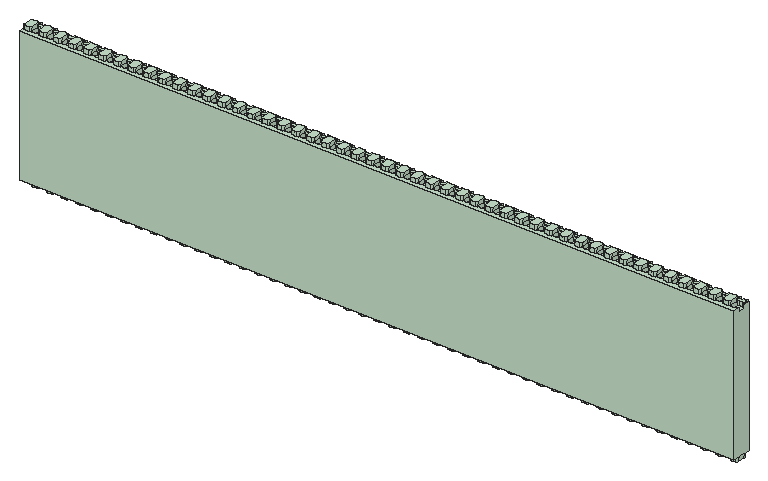
Revit family (continued)
Definition of nested family "Capture Lugs"
  Forms (mm)
    Extrusion 4, void
      sketch origin (0, 0, 0) x (-1, 0, 0) y (0, -1, 0)
        loop
          arc (-4.255, 68.834) -> (-5.736, 69.448) -> (-6.35, 70.929) r 2.095
      from 0 to 457.2
    Extrusion 5, void
      sketch origin (0, 0, 0) x (1, 0, 0) y (0, 1, 0)
        loop
          arc (-1.191, -72.009) -> (0, -78.127) -> (1.191, -72.009) r 3.175
          line (1.191, -72.009) -> (1.191, -68.834) -> (-1.191, -68.834) -> (-1.191, -72.009)
      from 0 to 457.2
  Cuts and joins
    Extrusion 3, Extrusion 4 cuts Extrusion 1
    Extrusion 3, Extrusion 4, Extrusion 5 cuts Extrusion 2
Definition of nested family "NUDURA Diamond Pattern"
  Reference planes
    plane 1 "Center (Front/Back)": y = 0
    plane 2: z = 0
    plane 3 "Center (Left/Right)": x = 0
    plane 4: z = 457.2
  Lines and regions (mm)
    model lines
      curve 1: line (203.2, -142.875, 457.2) -> (203.2, -142.875, 0)
      curve 2: line (152.4, -142.875, 457.2) -> (152.4, -142.875, 0)
      curve 3: line (50.8, -142.875, 457.2) -> (50.8, -142.875, 0)
      curve 4: line (85.183, -142.875, 431.415) -> (93.906, -142.875, 422.692)
      curve 5: arc (85.183, -142.875, 444.885) -> (82.394, -142.875, 438.15) -> (85.183, -142.875, 431.415) r 9.525
      curve 6: line (94.708, -142.875, 454.41) -> (85.183, -142.875, 444.885)
      curve 7: arc (108.179, -142.875, 454.41) -> (101.444, -142.875, 457.2) -> (94.708, -142.875, 454.41) r 9.525
      curve 8: line (117.704, -142.875, 444.885) -> (108.179, -142.875, 454.41)
      curve 9: arc (117.704, -142.875, 431.415) -> (120.494, -142.875, 438.15) -> (117.704, -142.875, 444.885) r 9.525
      curve 10: line (108.981, -142.875, 422.692) -> (117.704, -142.875, 431.415)
      curve 11: arc (105.934, -142.875, 452.165) -> (101.444, -142.875, 454.025) -> (96.953, -142.875, 452.165) r 6.35
      curve 12: line (115.459, -142.875, 442.64) -> (105.934, -142.875, 452.165)
      curve 13: arc (115.459, -142.875, 433.66) -> (117.319, -142.875, 438.15) -> (115.459, -142.875, 442.64) r 6.35
      curve 14: line (105.934, -142.875, 424.135) -> (115.459, -142.875, 433.66)
      curve 15: arc (96.953, -142.875, 424.135) -> (101.444, -142.875, 422.275) -> (105.934, -142.875, 424.135) r 6.35
      curve 16: line (87.428, -142.875, 433.66) -> (96.953, -142.875, 424.135)
      curve 17: arc (87.428, -142.875, 442.64) -> (85.569, -142.875, 438.15) -> (87.428, -142.875, 433.66) r 6.35
      curve 18: line (96.953, -142.875, 452.165) -> (87.428, -142.875, 442.64)
      curve 19: arc (93.906, -142.875, 415.508) -> (95.394, -142.875, 419.1) -> (93.906, -142.875, 422.692) r 5.08
      curve 20: line (117.704, -142.875, 406.785) -> (108.981, -142.875, 415.508)
      curve 21: arc (117.704, -142.875, 393.315) -> (120.494, -142.875, 400.05) -> (117.704, -142.875, 406.785) r 9.525
      curve 22: line (108.981, -142.875, 384.592) -> (117.704, -142.875, 393.315)
      curve 23: line (85.183, -142.875, 393.315) -> (93.906, -142.875, 384.592)
      curve 24: arc (85.183, -142.875, 406.785) -> (82.394, -142.875, 400.05) -> (85.183, -142.875, 393.315) r 9.525
      curve 25: line (93.906, -142.875, 415.508) -> (85.183, -142.875, 406.785)
      curve 26: arc (105.934, -142.875, 414.065) -> (101.444, -142.875, 415.925) -> (96.953, -142.875, 414.065) r 6.35
      curve 27: line (96.953, -142.875, 414.065) -> (87.428, -142.875, 404.54)
      curve 28: arc (87.428, -142.875, 404.54) -> (85.569, -142.875, 400.05) -> (87.428, -142.875, 395.56) r 6.35
      curve 29: line (87.428, -142.875, 395.56) -> (96.953, -142.875, 386.035)
      curve 30: arc (96.953, -142.875, 386.035) -> (101.444, -142.875, 384.175) -> (105.934, -142.875, 386.035) r 6.35
      curve 31: line (105.934, -142.875, 386.035) -> (115.459, -142.875, 395.56)
      curve 32: arc (115.459, -142.875, 395.56) -> (117.319, -142.875, 400.05) -> (115.459, -142.875, 404.54) r 6.35
      curve 33: line (115.459, -142.875, 404.54) -> (105.934, -142.875, 414.065)
      curve 34: arc (93.906, -142.875, 377.408) -> (95.394, -142.875, 381) -> (93.906, -142.875, 384.592) r 5.08
      curve 35: line (117.704, -142.875, 368.685) -> (108.981, -142.875, 377.408)
      curve 36: arc (117.704, -142.875, 355.215) -> (120.494, -142.875, 361.95) -> (117.704, -142.875, 368.685) r 9.525
      curve 37: line (108.981, -142.875, 346.492) -> (117.704, -142.875, 355.215)
      curve 38: line (85.183, -142.875, 355.215) -> (93.906, -142.875, 346.492)
      curve 39: arc (85.183, -142.875, 368.685) -> (82.394, -142.875, 361.95) -> (85.183, -142.875, 355.215) r 9.525
      curve 40: line (93.906, -142.875, 377.408) -> (85.183, -142.875, 368.685)
      curve 41: arc (105.934, -142.875, 375.965) -> (101.444, -142.875, 377.825) -> (96.953, -142.875, 375.965) r 6.35
      curve 42: line (96.953, -142.875, 375.965) -> (87.428, -142.875, 366.44)
      curve 43: arc (87.428, -142.875, 366.44) -> (85.569, -142.875, 361.95) -> (87.428, -142.875, 357.46) r 6.35
      curve 44: line (87.428, -142.875, 357.46) -> (96.953, -142.875, 347.935)
      curve 45: arc (96.953, -142.875, 347.935) -> (101.444, -142.875, 346.075) -> (105.934, -142.875, 347.935) r 6.35
      curve 46: line (105.934, -142.875, 347.935) -> (115.459, -142.875, 357.46)
      curve 47: arc (115.459, -142.875, 357.46) -> (117.319, -142.875, 361.95) -> (115.459, -142.875, 366.44) r 6.35
      curve 48: line (115.459, -142.875, 366.44) -> (105.934, -142.875, 375.965)
      curve 49: arc (93.906, -142.875, 339.308) -> (95.394, -142.875, 342.9) -> (93.906, -142.875, 346.492) r 5.08
      curve 50: line (117.704, -142.875, 330.585) -> (108.981, -142.875, 339.308)
      curve 51: arc (117.704, -142.875, 317.115) -> (120.494, -142.875, 323.85) -> (117.704, -142.875, 330.585) r 9.525
      curve 52: line (108.981, -142.875, 308.392) -> (117.704, -142.875, 317.115)
      curve 53: line (85.183, -142.875, 317.115) -> (93.906, -142.875, 308.392)
      curve 54: arc (85.183, -142.875, 330.585) -> (82.394, -142.875, 323.85) -> (85.183, -142.875, 317.115) r 9.525
      curve 55: line (93.906, -142.875, 339.308) -> (85.183, -142.875, 330.585)
      curve 56: arc (105.934, -142.875, 337.865) -> (101.444, -142.875, 339.725) -> (96.953, -142.875, 337.865) r 6.35
      curve 57: line (96.953, -142.875, 337.865) -> (87.428, -142.875, 328.34)
      curve 58: arc (87.428, -142.875, 328.34) -> (85.569, -142.875, 323.85) -> (87.428, -142.875, 319.36) r 6.35
      curve 59: line (87.428, -142.875, 319.36) -> (96.953, -142.875, 309.835)
      curve 60: arc (96.953, -142.875, 309.835) -> (101.444, -142.875, 307.975) -> (105.934, -142.875, 309.835) r 6.35
      curve 61: line (105.934, -142.875, 309.835) -> (115.459, -142.875, 319.36)
      curve 62: arc (115.459, -142.875, 319.36) -> (117.319, -142.875, 323.85) -> (115.459, -142.875, 328.34) r 6.35
      curve 63: line (115.459, -142.875, 328.34) -> (105.934, -142.875, 337.865)
      curve 64: arc (93.906, -142.875, 301.208) -> (95.394, -142.875, 304.8) -> (93.906, -142.875, 308.392) r 5.08
      curve 65: line (117.704, -142.875, 292.485) -> (108.981, -142.875, 301.208)
      curve 66: arc (117.704, -142.875, 279.015) -> (120.494, -142.875, 285.75) -> (117.704, -142.875, 292.485) r 9.525
      curve 67: line (108.981, -142.875, 270.292) -> (117.704, -142.875, 279.015)
      curve 68: line (85.183, -142.875, 279.015) -> (93.906, -142.875, 270.292)
      curve 69: arc (85.183, -142.875, 292.485) -> (82.394, -142.875, 285.75) -> (85.183, -142.875, 279.015) r 9.525
      curve 70: line (93.906, -142.875, 301.208) -> (85.183, -142.875, 292.485)
      curve 71: arc (105.934, -142.875, 299.765) -> (101.444, -142.875, 301.625) -> (96.953, -142.875, 299.765) r 6.35
      curve 72: line (96.953, -142.875, 299.765) -> (87.428, -142.875, 290.24)
      curve 73: arc (87.428, -142.875, 290.24) -> (85.569, -142.875, 285.75) -> (87.428, -142.875, 281.26) r 6.35
      curve 74: line (87.428, -142.875, 281.26) -> (96.953, -142.875, 271.735)
      curve 75: arc (96.953, -142.875, 271.735) -> (101.444, -142.875, 269.875) -> (105.934, -142.875, 271.735) r 6.35
      curve 76: line (105.934, -142.875, 271.735) -> (115.459, -142.875, 281.26)
      curve 77: arc (115.459, -142.875, 281.26) -> (117.319, -142.875, 285.75) -> (115.459, -142.875, 290.24) r 6.35
      curve 78: line (115.459, -142.875, 290.24) -> (105.934, -142.875, 299.765)
      curve 79: arc (93.906, -142.875, 263.108) -> (95.394, -142.875, 266.7) -> (93.906, -142.875, 270.292) r 5.08
      curve 80: line (117.704, -142.875, 254.385) -> (108.981, -142.875, 263.108)
      curve 81: arc (117.704, -142.875, 240.915) -> (120.494, -142.875, 247.65) -> (117.704, -142.875, 254.385) r 9.525
      curve 82: line (108.981, -142.875, 232.192) -> (117.704, -142.875, 240.915)
      curve 83: line (85.183, -142.875, 240.915) -> (93.906, -142.875, 232.192)
      curve 84: arc (85.183, -142.875, 254.385) -> (82.394, -142.875, 247.65) -> (85.183, -142.875, 240.915) r 9.525
      curve 85: line (93.906, -142.875, 263.108) -> (85.183, -142.875, 254.385)
      curve 86: arc (105.934, -142.875, 261.665) -> (101.444, -142.875, 263.525) -> (96.953, -142.875, 261.665) r 6.35
      curve 87: line (96.953, -142.875, 261.665) -> (87.428, -142.875, 252.14)
      curve 88: arc (87.428, -142.875, 252.14) -> (85.569, -142.875, 247.65) -> (87.428, -142.875, 243.16) r 6.35
      curve 89: line (87.428, -142.875, 243.16) -> (96.953, -142.875, 233.635)
      curve 90: arc (96.953, -142.875, 233.635) -> (101.444, -142.875, 231.775) -> (105.934, -142.875, 233.635) r 6.35
      curve 91: line (105.934, -142.875, 233.635) -> (115.459, -142.875, 243.16)
      curve 92: arc (115.459, -142.875, 243.16) -> (117.319, -142.875, 247.65) -> (115.459, -142.875, 252.14) r 6.35
      curve 93: line (115.459, -142.875, 252.14) -> (105.934, -142.875, 261.665)
      curve 94: arc (93.906, -142.875, 225.008) -> (95.394, -142.875, 228.6) -> (93.906, -142.875, 232.192) r 5.08
      curve 95: line (117.704, -142.875, 216.285) -> (108.981, -142.875, 225.008)
      curve 96: arc (117.704, -142.875, 202.815) -> (120.494, -142.875, 209.55) -> (117.704, -142.875, 216.285) r 9.525
      curve 97: line (108.981, -142.875, 194.092) -> (117.704, -142.875, 202.815)
      curve 98: line (85.183, -142.875, 202.815) -> (93.906, -142.875, 194.092)
      curve 99: arc (85.183, -142.875, 216.285) -> (82.394, -142.875, 209.55) -> (85.183, -142.875, 202.815) r 9.525
      curve 100: line (93.906, -142.875, 225.008) -> (85.183, -142.875, 216.285)
      curve 101: arc (105.934, -142.875, 223.565) -> (101.444, -142.875, 225.425) -> (96.953, -142.875, 223.565) r 6.35
      curve 102: line (96.953, -142.875, 223.565) -> (87.428, -142.875, 214.04)
      curve 103: arc (87.428, -142.875, 214.04) -> (85.569, -142.875, 209.55) -> (87.428, -142.875, 205.06) r 6.35
      curve 104: line (87.428, -142.875, 205.06) -> (96.953, -142.875, 195.535)
      curve 105: arc (96.953, -142.875, 195.535) -> (101.444, -142.875, 193.675) -> (105.934, -142.875, 195.535) r 6.35
      curve 106: line (105.934, -142.875, 195.535) -> (115.459, -142.875, 205.06)
      curve 107: arc (115.459, -142.875, 205.06) -> (117.319, -142.875, 209.55) -> (115.459, -142.875, 214.04) r 6.35
      curve 108: line (115.459, -142.875, 214.04) -> (105.934, -142.875, 223.565)
      curve 109: arc (93.906, -142.875, 186.908) -> (95.394, -142.875, 190.5) -> (93.906, -142.875, 194.092) r 5.08
      curve 110: line (117.704, -142.875, 178.185) -> (108.981, -142.875, 186.908)
      curve 111: arc (117.704, -142.875, 164.715) -> (120.494, -142.875, 171.45) -> (117.704, -142.875, 178.185) r 9.525
      curve 112: line (108.981, -142.875, 155.992) -> (117.704, -142.875, 164.715)
      curve 113: line (85.183, -142.875, 164.715) -> (93.906, -142.875, 155.992)
      curve 114: arc (85.183, -142.875, 178.185) -> (82.394, -142.875, 171.45) -> (85.183, -142.875, 164.715) r 9.525
      curve 115: line (93.906, -142.875, 186.908) -> (85.183, -142.875, 178.185)
      curve 116: arc (105.934, -142.875, 185.465) -> (101.444, -142.875, 187.325) -> (96.953, -142.875, 185.465) r 6.35
      curve 117: line (96.953, -142.875, 185.465) -> (87.428, -142.875, 175.94)
      curve 118: arc (87.428, -142.875, 175.94) -> (85.569, -142.875, 171.45) -> (87.428, -142.875, 166.96) r 6.35
      curve 119: line (87.428, -142.875, 166.96) -> (96.953, -142.875, 157.435)
      curve 120: arc (96.953, -142.875, 157.435) -> (101.444, -142.875, 155.575) -> (105.934, -142.875, 157.435) r 6.35
      curve 121: line (105.934, -142.875, 157.435) -> (115.459, -142.875, 166.96)
      curve 122: arc (115.459, -142.875, 166.96) -> (117.319, -142.875, 171.45) -> (115.459, -142.875, 175.94) r 6.35
      curve 123: line (115.459, -142.875, 175.94) -> (105.934, -142.875, 185.465)
      curve 124: arc (93.906, -142.875, 148.808) -> (95.394, -142.875, 152.4) -> (93.906, -142.875, 155.992) r 5.08
      curve 125: line (117.704, -142.875, 140.085) -> (108.981, -142.875, 148.808)
      curve 126: arc (117.704, -142.875, 126.615) -> (120.494, -142.875, 133.35) -> (117.704, -142.875, 140.085) r 9.525
      curve 127: line (108.981, -142.875, 117.892) -> (117.704, -142.875, 126.615)
      curve 128: line (85.183, -142.875, 126.615) -> (93.906, -142.875, 117.892)
      curve 129: arc (85.183, -142.875, 140.085) -> (82.394, -142.875, 133.35) -> (85.183, -142.875, 126.615) r 9.525
      curve 130: line (93.906, -142.875, 148.808) -> (85.183, -142.875, 140.085)
      curve 131: arc (105.934, -142.875, 147.365) -> (101.444, -142.875, 149.225) -> (96.953, -142.875, 147.365) r 6.35
      curve 132: line (96.953, -142.875, 147.365) -> (87.428, -142.875, 137.84)
      curve 133: arc (87.428, -142.875, 137.84) -> (85.569, -142.875, 133.35) -> (87.428, -142.875, 128.86) r 6.35
      curve 134: line (87.428, -142.875, 128.86) -> (96.953, -142.875, 119.335)
      curve 135: arc (96.953, -142.875, 119.335) -> (101.444, -142.875, 117.475) -> (105.934, -142.875, 119.335) r 6.35
      curve 136: line (105.934, -142.875, 119.335) -> (115.459, -142.875, 128.86)
      curve 137: arc (115.459, -142.875, 128.86) -> (117.319, -142.875, 133.35) -> (115.459, -142.875, 137.84) r 6.35
      curve 138: line (115.459, -142.875, 137.84) -> (105.934, -142.875, 147.365)
      curve 139: arc (93.906, -142.875, 110.708) -> (95.394, -142.875, 114.3) -> (93.906, -142.875, 117.892) r 5.08
      curve 140: line (117.704, -142.875, 101.985) -> (108.981, -142.875, 110.708)
      curve 141: arc (117.704, -142.875, 88.515) -> (120.494, -142.875, 95.25) -> (117.704, -142.875, 101.985) r 9.525
      curve 142: line (108.981, -142.875, 79.792) -> (117.704, -142.875, 88.515)
      curve 143: line (85.183, -142.875, 88.515) -> (93.906, -142.875, 79.792)
      curve 144: arc (85.183, -142.875, 101.985) -> (82.394, -142.875, 95.25) -> (85.183, -142.875, 88.515) r 9.525
      curve 145: line (93.906, -142.875, 110.708) -> (85.183, -142.875, 101.985)
      curve 146: arc (105.934, -142.875, 109.265) -> (101.444, -142.875, 111.125) -> (96.953, -142.875, 109.265) r 6.35
      curve 147: line (96.953, -142.875, 109.265) -> (87.428, -142.875, 99.74)
      curve 148: arc (87.428, -142.875, 99.74) -> (85.569, -142.875, 95.25) -> (87.428, -142.875, 90.76) r 6.35
      curve 149: line (87.428, -142.875, 90.76) -> (96.953, -142.875, 81.235)
      curve 150: arc (96.953, -142.875, 81.235) -> (101.444, -142.875, 79.375) -> (105.934, -142.875, 81.235) r 6.35
      curve 151: line (105.934, -142.875, 81.235) -> (115.459, -142.875, 90.76)
      curve 152: arc (115.459, -142.875, 90.76) -> (117.319, -142.875, 95.25) -> (115.459, -142.875, 99.74) r 6.35
      curve 153: line (115.459, -142.875, 99.74) -> (105.934, -142.875, 109.265)
      curve 154: arc (93.906, -142.875, 72.608) -> (95.394, -142.875, 76.2) -> (93.906, -142.875, 79.792) r 5.08
      curve 155: line (117.704, -142.875, 63.885) -> (108.981, -142.875, 72.608)
      curve 156: arc (117.704, -142.875, 50.415) -> (120.494, -142.875, 57.15) -> (117.704, -142.875, 63.885) r 9.525
      curve 157: line (108.981, -142.875, 41.692) -> (117.704, -142.875, 50.415)
      curve 158: line (85.183, -142.875, 50.415) -> (93.906, -142.875, 41.692)
      curve 159: arc (85.183, -142.875, 63.885) -> (82.394, -142.875, 57.15) -> (85.183, -142.875, 50.415) r 9.525
      curve 160: line (93.906, -142.875, 72.608) -> (85.183, -142.875, 63.885)
      curve 161: arc (105.934, -142.875, 71.165) -> (101.444, -142.875, 73.025) -> (96.953, -142.875, 71.165) r 6.35
      curve 162: line (96.953, -142.875, 71.165) -> (87.428, -142.875, 61.64)
      curve 163: arc (87.428, -142.875, 61.64) -> (85.569, -142.875, 57.15) -> (87.428, -142.875, 52.66) r 6.35
      curve 164: line (87.428, -142.875, 52.66) -> (96.953, -142.875, 43.135)
      curve 165: arc (96.953, -142.875, 43.135) -> (101.444, -142.875, 41.275) -> (105.934, -142.875, 43.135) r 6.35
      curve 166: line (105.934, -142.875, 43.135) -> (115.459, -142.875, 52.66)
      curve 167: arc (115.459, -142.875, 52.66) -> (117.319, -142.875, 57.15) -> (115.459, -142.875, 61.64) r 6.35
      curve 168: line (115.459, -142.875, 61.64) -> (105.934, -142.875, 71.165)
      curve 169: arc (93.906, -142.875, 34.508) -> (95.394, -142.875, 38.1) -> (93.906, -142.875, 41.692) r 5.08
      curve 170: line (93.906, -142.875, 34.508) -> (85.183, -142.875, 25.785)
      curve 171: arc (85.183, -142.875, 25.785) -> (82.394, -142.875, 19.05) -> (85.183, -142.875, 12.315) r 9.525
      curve 172: line (85.183, -142.875, 12.315) -> (94.708, -142.875, 2.79)
      curve 173: arc (94.708, -142.875, 2.79) -> (101.444, -142.875, 0) -> (108.179, -142.875, 2.79) r 9.525
      curve 174: line (108.179, -142.875, 2.79) -> (117.704, -142.875, 12.315)
      curve 175: arc (117.704, -142.875, 12.315) -> (120.494, -142.875, 19.05) -> (117.704, -142.875, 25.785) r 9.525
      curve 176: line (117.704, -142.875, 25.785) -> (108.981, -142.875, 34.508)
      curve 177: arc (108.981, -142.875, 41.692) -> (107.493, -142.875, 38.1) -> (108.981, -142.875, 34.508) r 5.08
      curve 178: arc (105.934, -142.875, 33.065) -> (101.444, -142.875, 34.925) -> (96.953, -142.875, 33.065) r 6.35
      curve 179: line (115.459, -142.875, 23.54) -> (105.934, -142.875, 33.065)
      curve 180: arc (115.459, -142.875, 14.56) -> (117.319, -142.875, 19.05) -> (115.459, -142.875, 23.54) r 6.35
      curve 181: line (105.934, -142.875, 5.035) -> (115.459, -142.875, 14.56)
      curve 182: arc (96.953, -142.875, 5.035) -> (101.444, -142.875, 3.175) -> (105.934, -142.875, 5.035) r 6.35
      curve 183: line (87.428, -142.875, 14.56) -> (96.953, -142.875, 5.035)
      curve 184: arc (87.428, -142.875, 23.54) -> (85.569, -142.875, 19.05) -> (87.428, -142.875, 14.56) r 6.35
      curve 185: line (96.953, -142.875, 33.065) -> (87.428, -142.875, 23.54)
      curve 186: arc (108.981, -142.875, 79.792) -> (107.493, -142.875, 76.2) -> (108.981, -142.875, 72.608) r 5.08
      curve 187: arc (108.981, -142.875, 117.892) -> (107.493, -142.875, 114.3) -> (108.981, -142.875, 110.708) r 5.08
      curve 188: arc (108.981, -142.875, 155.992) -> (107.493, -142.875, 152.4) -> (108.981, -142.875, 148.808) r 5.08
      curve 189: arc (108.981, -142.875, 194.092) -> (107.493, -142.875, 190.5) -> (108.981, -142.875, 186.908) r 5.08
      curve 190: arc (108.981, -142.875, 232.192) -> (107.493, -142.875, 228.6) -> (108.981, -142.875, 225.008) r 5.08
      curve 191: arc (108.981, -142.875, 270.292) -> (107.493, -142.875, 266.7) -> (108.981, -142.875, 263.108) r 5.08
      curve 192: arc (108.981, -142.875, 308.392) -> (107.493, -142.875, 304.8) -> (108.981, -142.875, 301.208) r 5.08
      curve 193: arc (108.981, -142.875, 346.492) -> (107.493, -142.875, 342.9) -> (108.981, -142.875, 339.308) r 5.08
      curve 194: arc (108.981, -142.875, 384.592) -> (107.493, -142.875, 381) -> (108.981, -142.875, 377.408) r 5.08
      curve 195: arc (108.981, -142.875, 422.692) -> (107.493, -142.875, 419.1) -> (108.981, -142.875, 415.508) r 5.08
Definition of nested family "NUDURA Logo Diamond"
  Reference planes
    plane 1 "Center (Front/Back)": y = 0
    plane 2: z = 0
    plane 3 "Center (Left/Right)": x = 0
  Lines and regions (mm)
    model lines
      curve 1: line (320.001, 0, 444.526) -> (311.021, 0, 453.507)
      curve 2: line (313.973, 0, 425.925) -> (320.001, 0, 431.954)
      curve 3: line (320.001, 0, 406.426) -> (313.973, 0, 412.455)
      curve 4: line (313.973, 0, 387.825) -> (320.001, 0, 393.854)
      curve 5: line (320.001, 0, 368.326) -> (313.973, 0, 374.355)
      curve 6: line (313.973, 0, 349.725) -> (320.001, 0, 355.754)
      curve 7: line (309.225, 0, 337.411) -> (322.887, 0, 323.749)
      curve 8: line (322.887, 0, 323.749) -> (324.683, 0, 325.545)
      curve 9: line (286.583, 0, 323.749) -> (300.245, 0, 337.411)
      curve 10: line (295.497, 0, 336.255) -> (284.787, 0, 325.545)
      curve 11: line (289.468, 0, 355.754) -> (295.497, 0, 349.725)
      curve 12: line (295.497, 0, 374.355) -> (289.468, 0, 368.326)
      curve 13: line (289.468, 0, 393.854) -> (295.497, 0, 387.825)
      curve 14: line (295.497, 0, 412.455) -> (289.468, 0, 406.426)
      curve 15: line (289.468, 0, 431.954) -> (295.497, 0, 425.925)
      curve 16: line (298.449, 0, 453.507) -> (289.468, 0, 444.526)
      curve 17: line (300.245, 0, 451.711) -> (291.265, 0, 442.73)
      curve 18: line (318.205, 0, 442.73) -> (309.225, 0, 451.711)
      curve 19: line (309.225, 0, 424.77) -> (318.205, 0, 433.75)
      curve 20: line (291.265, 0, 433.75) -> (300.245, 0, 424.77)
      curve 21: arc (289.468, 0, 444.526) -> (286.865, 0, 438.24) -> (289.468, 0, 431.954) r 8.89
      curve 22: arc (298.449, 0, 453.507) -> (304.735, 0, 456.111) -> (311.021, 0, 453.507) r 8.89
      curve 23: arc (291.265, 0, 442.73) -> (289.405, 0, 438.24) -> (291.265, 0, 433.75) r 6.35
      curve 24: arc (318.205, 0, 442.73) -> (320.065, 0, 438.24) -> (318.205, 0, 433.75) r 6.35
      curve 25: arc (309.225, 0, 424.77) -> (304.735, 0, 422.91) -> (300.245, 0, 424.77) r 6.35
      curve 26: arc (300.245, 0, 451.711) -> (304.735, 0, 453.571) -> (309.225, 0, 451.711) r 6.35
      curve 27: arc (320.001, 0, 444.526) -> (322.605, 0, 438.24) -> (320.001, 0, 431.954) r 8.89
      curve 28: arc (295.497, 0, 425.925) -> (298.287, 0, 419.19) -> (295.497, 0, 412.455) r 9.525
      curve 29: arc (313.973, 0, 425.925) -> (311.183, 0, 419.19) -> (313.973, 0, 412.455) r 9.525
      curve 30: line (313.973, 0, 387.825) -> (320.001, 0, 393.854)
      curve 31: line (289.468, 0, 393.854) -> (295.497, 0, 387.825)
      curve 32: line (300.245, 0, 413.611) -> (291.265, 0, 404.63)
      curve 33: line (318.205, 0, 404.63) -> (309.225, 0, 413.611)
      curve 34: line (309.225, 0, 386.67) -> (318.205, 0, 395.65)
      curve 35: line (291.265, 0, 395.65) -> (300.245, 0, 386.67)
      curve 36: arc (289.468, 0, 406.426) -> (286.865, 0, 400.14) -> (289.468, 0, 393.854) r 8.89
      curve 37: arc (291.265, 0, 404.63) -> (289.405, 0, 400.14) -> (291.265, 0, 395.65) r 6.35
      curve 38: arc (318.205, 0, 404.63) -> (320.065, 0, 400.14) -> (318.205, 0, 395.65) r 6.35
      curve 39: arc (309.225, 0, 386.67) -> (304.735, 0, 384.81) -> (300.245, 0, 386.67) r 6.35
      curve 40: arc (300.245, 0, 413.611) -> (304.735, 0, 415.471) -> (309.225, 0, 413.611) r 6.35
      curve 41: arc (320.001, 0, 406.426) -> (322.605, 0, 400.14) -> (320.001, 0, 393.854) r 8.89
      curve 42: line (295.497, 0, 412.455) -> (289.468, 0, 406.426)
      curve 43: line (320.001, 0, 406.426) -> (313.973, 0, 412.455)
      curve 44: arc (295.497, 0, 387.825) -> (298.287, 0, 381.09) -> (295.497, 0, 374.355) r 9.525
      curve 45: arc (313.973, 0, 387.825) -> (311.183, 0, 381.09) -> (313.973, 0, 374.355) r 9.525
      curve 46: line (313.973, 0, 349.725) -> (320.001, 0, 355.754)
      curve 47: line (289.468, 0, 355.754) -> (295.497, 0, 349.725)
      curve 48: line (300.245, 0, 375.511) -> (291.265, 0, 366.53)
      curve 49: line (318.205, 0, 366.53) -> (309.225, 0, 375.511)
      curve 50: line (309.225, 0, 348.57) -> (318.205, 0, 357.55)
      curve 51: line (291.265, 0, 357.55) -> (300.245, 0, 348.57)
      curve 52: arc (289.468, 0, 368.326) -> (286.865, 0, 362.04) -> (289.468, 0, 355.754) r 8.89
      curve 53: arc (291.265, 0, 366.53) -> (289.405, 0, 362.04) -> (291.265, 0, 357.55) r 6.35
      curve 54: arc (318.205, 0, 366.53) -> (320.065, 0, 362.04) -> (318.205, 0, 357.55) r 6.35
      curve 55: arc (309.225, 0, 348.57) -> (304.735, 0, 346.71) -> (300.245, 0, 348.57) r 6.35
      curve 56: arc (300.245, 0, 375.511) -> (304.735, 0, 377.371) -> (309.225, 0, 375.511) r 6.35
      curve 57: arc (320.001, 0, 368.326) -> (322.605, 0, 362.04) -> (320.001, 0, 355.754) r 8.89
      curve 58: line (295.497, 0, 374.355) -> (289.468, 0, 368.326)
      curve 59: arc (295.497, 0, 349.725) -> (298.287, 0, 342.99) -> (295.497, 0, 336.255) r 9.525
      curve 60: arc (313.973, 0, 349.725) -> (311.183, 0, 342.99) -> (313.973, 0, 336.255) r 9.525
      curve 61: line (324.683, 0, 325.545) -> (313.973, 0, 336.255)
      curve 62: line (284.787, 0, 325.545) -> (286.583, 0, 323.749)
      curve 63: arc (300.245, 0, 337.411) -> (304.735, 0, 339.271) -> (309.225, 0, 337.411) r 6.35
      curve 64: line (320.001, 0, 12.854) -> (311.021, 0, 3.874)
      curve 65: line (313.973, 0, 31.455) -> (320.001, 0, 25.426)
      curve 66: line (320.001, 0, 50.954) -> (313.973, 0, 44.925)
      curve 67: line (313.973, 0, 69.555) -> (320.001, 0, 63.526)
      curve 68: line (320.001, 0, 89.054) -> (313.973, 0, 83.025)
      curve 69: line (313.973, 0, 107.655) -> (320.001, 0, 101.626)
      curve 70: line (309.225, 0, 119.97) -> (322.887, 0, 133.632)
      curve 71: line (322.887, 0, 133.632) -> (324.683, 0, 131.836)
      curve 72: line (286.583, 0, 133.632) -> (300.245, 0, 119.97)
      curve 73: line (295.497, 0, 121.125) -> (284.787, 0, 131.836)
      curve 74: line (289.468, 0, 101.626) -> (295.497, 0, 107.655)
      curve 75: line (295.497, 0, 83.025) -> (289.468, 0, 89.054)
      curve 76: line (289.468, 0, 63.526) -> (295.497, 0, 69.555)
      curve 77: line (295.497, 0, 44.925) -> (289.468, 0, 50.954)
      curve 78: line (289.468, 0, 25.426) -> (295.497, 0, 31.455)
      curve 79: line (298.449, 0, 3.874) -> (289.468, 0, 12.854)
      curve 80: line (300.245, 0, 5.67) -> (291.265, 0, 14.65)
      curve 81: line (318.205, 0, 14.65) -> (309.225, 0, 5.67)
      curve 82: line (309.225, 0, 32.611) -> (318.205, 0, 23.63)
      curve 83: line (291.265, 0, 23.63) -> (300.245, 0, 32.611)
      curve 84: arc (289.468, 0, 12.854) -> (286.865, 0, 19.14) -> (289.468, 0, 25.426) r 8.89
      curve 85: arc (298.449, 0, 3.874) -> (304.735, 0, 1.27) -> (311.021, 0, 3.874) r 8.89
      curve 86: arc (291.265, 0, 14.65) -> (289.405, 0, 19.14) -> (291.265, 0, 23.63) r 6.35
      curve 87: arc (318.205, 0, 14.65) -> (320.065, 0, 19.14) -> (318.205, 0, 23.63) r 6.35
      curve 88: arc (309.225, 0, 32.611) -> (304.735, 0, 34.471) -> (300.245, 0, 32.611) r 6.35
      curve 89: arc (300.245, 0, 5.67) -> (304.735, 0, 3.81) -> (309.225, 0, 5.67) r 6.35
      curve 90: arc (320.001, 0, 12.854) -> (322.605, 0, 19.14) -> (320.001, 0, 25.426) r 8.89
      curve 91: arc (295.497, 0, 31.455) -> (298.287, 0, 38.19) -> (295.497, 0, 44.925) r 9.525
      curve 92: arc (313.973, 0, 31.455) -> (311.183, 0, 38.19) -> (313.973, 0, 44.925) r 9.525
      curve 93: line (313.973, 0, 69.555) -> (320.001, 0, 63.526)
      curve 94: line (289.468, 0, 63.526) -> (295.497, 0, 69.555)
      curve 95: line (300.245, 0, 43.77) -> (291.265, 0, 52.75)
      curve 96: line (318.205, 0, 52.75) -> (309.225, 0, 43.77)
      curve 97: line (309.225, 0, 70.711) -> (318.205, 0, 61.73)
      curve 98: line (291.265, 0, 61.73) -> (300.245, 0, 70.711)
      curve 99: arc (289.468, 0, 50.954) -> (286.865, 0, 57.24) -> (289.468, 0, 63.526) r 8.89
      curve 100: arc (291.265, 0, 52.75) -> (289.405, 0, 57.24) -> (291.265, 0, 61.73) r 6.35
      curve 101: arc (318.205, 0, 52.75) -> (320.065, 0, 57.24) -> (318.205, 0, 61.73) r 6.35
      curve 102: arc (309.225, 0, 70.711) -> (304.735, 0, 72.571) -> (300.245, 0, 70.711) r 6.35
      curve 103: arc (300.245, 0, 43.77) -> (304.735, 0, 41.91) -> (309.225, 0, 43.77) r 6.35
      curve 104: arc (320.001, 0, 50.954) -> (322.605, 0, 57.24) -> (320.001, 0, 63.526) r 8.89
      curve 105: line (295.497, 0, 44.925) -> (289.468, 0, 50.954)
      curve 106: line (320.001, 0, 50.954) -> (313.973, 0, 44.925)
      curve 107: arc (295.497, 0, 69.555) -> (298.287, 0, 76.29) -> (295.497, 0, 83.025) r 9.525
      curve 108: arc (313.973, 0, 69.555) -> (311.183, 0, 76.29) -> (313.973, 0, 83.025) r 9.525
      curve 109: line (313.973, 0, 107.655) -> (320.001, 0, 101.626)
      curve 110: line (289.468, 0, 101.626) -> (295.497, 0, 107.655)
      curve 111: line (300.245, 0, 81.87) -> (291.265, 0, 90.85)
      curve 112: line (318.205, 0, 90.85) -> (309.225, 0, 81.87)
      curve 113: line (309.225, 0, 108.811) -> (318.205, 0, 99.83)
      curve 114: line (291.265, 0, 99.83) -> (300.245, 0, 108.811)
      curve 115: arc (289.468, 0, 89.054) -> (286.865, 0, 95.34) -> (289.468, 0, 101.626) r 8.89
      curve 116: arc (291.265, 0, 90.85) -> (289.405, 0, 95.34) -> (291.265, 0, 99.83) r 6.35
      curve 117: arc (318.205, 0, 90.85) -> (320.065, 0, 95.34) -> (318.205, 0, 99.83) r 6.35
      curve 118: arc (309.225, 0, 108.811) -> (304.735, 0, 110.671) -> (300.245, 0, 108.811) r 6.35
      curve 119: arc (300.245, 0, 81.87) -> (304.735, 0, 80.01) -> (309.225, 0, 81.87) r 6.35
      curve 120: arc (320.001, 0, 89.054) -> (322.605, 0, 95.34) -> (320.001, 0, 101.626) r 8.89
      curve 121: line (295.497, 0, 83.025) -> (289.468, 0, 89.054)
      curve 122: arc (295.497, 0, 107.655) -> (298.287, 0, 114.39) -> (295.497, 0, 121.125) r 9.525
      curve 123: arc (313.973, 0, 107.655) -> (311.183, 0, 114.39) -> (313.973, 0, 121.125) r 9.525
      curve 124: line (324.683, 0, 131.836) -> (313.973, 0, 121.125)
      curve 125: line (284.787, 0, 131.836) -> (286.583, 0, 133.632)
      curve 126: arc (300.245, 0, 119.97) -> (304.735, 0, 118.11) -> (309.225, 0, 119.97) r 6.35
      curve 127: line (314.26, 0, 317.59) -> (295.21, 0, 317.59)
      curve 128: line (323.785, 0, 149.315) -> (323.785, 0, 308.065)
      curve 129: line (285.685, 0, 308.065) -> (285.685, 0, 149.315)
      curve 130: line (295.21, 0, 139.79) -> (314.26, 0, 139.79)
      curve 131: line (316.797, 0, 304.89) -> (305.798, 0, 311.24)
      curve 132: line (316.797, 0, 292.19) -> (316.797, 0, 304.89)
      curve 133: line (311.298, 0, 289.015) -> (316.797, 0, 292.19)
      curve 134: line (305.373, 0, 292.436) -> (311.298, 0, 289.015)
      curve 135: line (310.447, 0, 295.365) -> (305.373, 0, 292.436)
      curve 136: line (299.874, 0, 307.82) -> (310.447, 0, 301.715)
      curve 137: line (310.447, 0, 301.715) -> (310.447, 0, 295.365)
      curve 138: line (305.798, 0, 311.24) -> (299.874, 0, 307.82)
      curve 139: line (299.023, 0, 295.611) -> (304.097, 0, 298.54)
      curve 140: line (304.097, 0, 298.54) -> (298.172, 0, 301.961)
      curve 141: line (298.172, 0, 301.961) -> (292.673, 0, 298.786)
      curve 142: line (292.673, 0, 298.786) -> (292.673, 0, 286.086)
      curve 143: line (299.023, 0, 289.261) -> (299.023, 0, 295.611)
      curve 144: line (309.596, 0, 283.156) -> (299.023, 0, 289.261)
      curve 145: line (303.671, 0, 279.736) -> (309.596, 0, 283.156)
      curve 146: line (292.673, 0, 286.086) -> (303.671, 0, 279.736)
      curve 147: line (312.702, 0, 269.344) -> (296.768, 0, 272.912)
      curve 148: line (296.768, 0, 272.912) -> (296.768, 0, 267.036)
      curve 149: line (296.768, 0, 267.036) -> (308.089, 0, 264.517)
      curve 150: line (308.089, 0, 264.517) -> (296.768, 0, 260.949)
      curve 151: line (296.768, 0, 260.949) -> (296.768, 0, 251.084)
      curve 152: line (296.768, 0, 251.084) -> (309.138, 0, 248.314)
      curve 153: line (309.138, 0, 248.314) -> (309.138, 0, 247.516)
      curve 154: line (309.138, 0, 247.516) -> (301.281, 0, 248.991)
      curve 155: line (296.768, 0, 245.246) -> (296.768, 0, 237.71)
      curve 156: line (306.598, 0, 222.094) -> (306.598, 0, 228.599)
      curve 157: line (306.598, 0, 228.599) -> (296.768, 0, 230.786)
      curve 158: line (296.768, 0, 230.786) -> (296.768, 0, 215.343)
      curve 159: line (302.723, 0, 230.274) -> (312.702, 0, 228.039)
      curve 160: line (300.341, 0, 217.291) -> (300.341, 0, 223.486)
      curve 161: line (300.341, 0, 223.486) -> (306.598, 0, 222.094)
      curve 162: line (296.768, 0, 205.027) -> (296.768, 0, 197.49)
      curve 163: line (302.723, 0, 190.055) -> (310.162, 0, 188.389)
      curve 164: line (310.162, 0, 188.389) -> (310.162, 0, 176.633)
      curve 165: line (308.892, 0, 175.363) -> (307.868, 0, 175.363)
      curve 166: line (306.598, 0, 176.633) -> (306.598, 0, 180.004)
      curve 167: line (306.598, 0, 180.004) -> (307.868, 0, 179.719)
      curve 168: line (307.868, 0, 179.719) -> (307.868, 0, 186.3)
      curve 169: line (307.868, 0, 186.3) -> (296.768, 0, 188.785)
      curve 170: line (296.768, 0, 188.785) -> (296.768, 0, 182.205)
      curve 171: line (296.768, 0, 182.205) -> (304.058, 0, 180.572)
      curve 172: line (304.058, 0, 180.572) -> (304.058, 0, 177.654)
      curve 173: line (302.788, 0, 176.384) -> (296.768, 0, 176.384)
      curve 174: line (296.768, 0, 176.384) -> (296.768, 0, 164.003)
      curve 175: line (296.768, 0, 164.003) -> (299.284, 0, 162.219)
      curve 176: line (299.284, 0, 162.219) -> (299.284, 0, 153.715)
      curve 177: line (307.942, 0, 156.079) -> (301.824, 0, 160.418)
      curve 178: line (301.824, 0, 160.418) -> (301.824, 0, 154.409)
      curve 179: line (301.824, 0, 154.409) -> (307.942, 0, 156.079)
      curve 180: line (299.284, 0, 153.715) -> (296.768, 0, 153.028)
      curve 181: line (296.768, 0, 153.028) -> (296.768, 0, 146.14)
      curve 182: line (296.768, 0, 146.14) -> (312.702, 0, 150.491)
      curve 183: line (312.702, 0, 150.491) -> (312.702, 0, 159.713)
      curve 184: line (312.702, 0, 159.713) -> (298.767, 0, 169.594)
      curve 185: line (298.767, 0, 169.594) -> (302.342, 0, 169.594)
      curve 186: line (312.702, 0, 172.383) -> (312.702, 0, 193.945)
      curve 187: line (312.702, 0, 193.945) -> (302.326, 0, 196.268)
      curve 188: line (300.341, 0, 198.747) -> (300.341, 0, 201.381)
      curve 189: line (301.888, 0, 202.62) -> (312.702, 0, 200.199)
      curve 190: line (312.702, 0, 200.199) -> (312.702, 0, 206.628)
      curve 191: line (312.702, 0, 206.628) -> (306.843, 0, 207.728)
      curve 192: line (312.702, 0, 212.942) -> (312.702, 0, 227.241)
      curve 193: line (312.702, 0, 227.241) -> (309.138, 0, 228.034)
      curve 194: line (309.138, 0, 228.034) -> (309.138, 0, 217.291)
      curve 195: line (312.702, 0, 228.039) -> (312.702, 0, 234.164)
      curve 196: line (312.702, 0, 234.164) -> (302.326, 0, 236.488)
      curve 197: line (300.341, 0, 238.966) -> (300.341, 0, 241.6)
      curve 198: line (301.736, 0, 242.874) -> (312.702, 0, 240.418)
      curve 199: line (312.702, 0, 240.418) -> (312.702, 0, 253.611)
      curve 200: line (312.702, 0, 253.611) -> (302.429, 0, 255.912)
      curve 201: line (302.429, 0, 255.912) -> (312.702, 0, 259.27)
      curve 202: line (312.702, 0, 259.27) -> (312.702, 0, 269.344)
      curve 203: arc (296.768, 0, 245.246) -> (298.145, 0, 248.178) -> (301.281, 0, 248.991) r 3.81
      curve 204: arc (296.768, 0, 237.71) -> (298.44, 0, 232.946) -> (302.723, 0, 230.274) r 7.62
      curve 205: arc (300.842, 0, 208.826) -> (297.87, 0, 211.5) -> (296.768, 0, 215.343) r 7.251
      curve 206: arc (296.768, 0, 205.027) -> (297.979, 0, 207.812) -> (300.842, 0, 208.826) r 3.808
      curve 207: arc (296.768, 0, 197.49) -> (298.44, 0, 192.727) -> (302.723, 0, 190.055) r 7.62
      curve 208: arc (300.341, 0, 198.747) -> (300.898, 0, 197.159) -> (302.326, 0, 196.268) r 2.54
      curve 209: arc (300.341, 0, 201.381) -> (300.817, 0, 202.372) -> (301.888, 0, 202.62) r 1.27
      curve 210: arc (307.868, 0, 175.363) -> (306.969, 0, 175.735) -> (306.598, 0, 176.633) r 1.27
      curve 211: arc (308.892, 0, 175.363) -> (309.79, 0, 175.735) -> (310.162, 0, 176.633) r 1.27
      curve 212: arc (304.058, 0, 177.654) -> (303.686, 0, 176.756) -> (302.788, 0, 176.384) r 1.27
      curve 213: arc (302.342, 0, 169.594) -> (303.976, 0, 170.198) -> (304.826, 0, 171.718) r 2.516
      curve 214: arc (304.826, 0, 171.718) -> (309.07, 0, 168.432) -> (312.702, 0, 172.383) r 3.966
      curve 215: arc (306.843, 0, 207.728) -> (310.942, 0, 209.02) -> (312.702, 0, 212.942) r 5.249
      curve 216: arc (300.341, 0, 217.291) -> (304.739, 0, 212.893) -> (309.138, 0, 217.291) r 4.398
      curve 217: arc (300.341, 0, 238.966) -> (300.898, 0, 237.378) -> (302.326, 0, 236.488) r 2.54
      curve 218: arc (300.341, 0, 241.6) -> (300.886, 0, 242.648) -> (302.057, 0, 242.802) r 1.279
      curve 219: arc (285.685, 0, 308.065) -> (288.475, 0, 314.8) -> (295.21, 0, 317.59) r 9.525
      curve 220: arc (314.26, 0, 317.59) -> (320.995, 0, 314.8) -> (323.785, 0, 308.065) r 9.525
      curve 221: arc (285.685, 0, 149.315) -> (288.475, 0, 142.58) -> (295.21, 0, 139.79) r 9.525
      curve 222: arc (314.26, 0, 139.79) -> (320.995, 0, 142.58) -> (323.785, 0, 149.315) r 9.525
      curve 223: line (253.935, 0, 457.2) -> (253.935, 0, 0)
      curve 224: line (355.535, 0, 457.2) -> (355.535, 0, 0)
      curve 225: line (406.335, 0, 457.2) -> (406.335, 0, 0)
